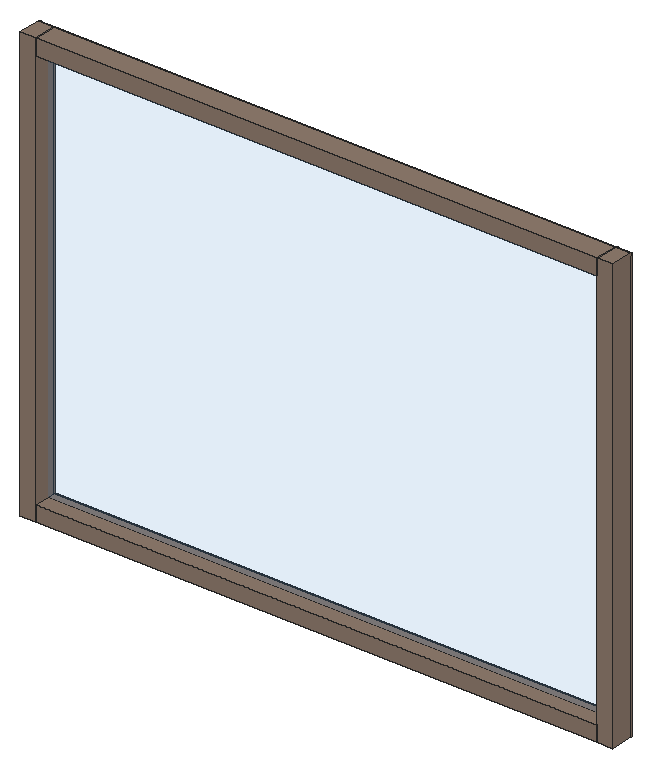
Revit family "Window_Curtain_Wall-Fixed-Traco-NX_3800-Commercial", category Windows, Revit 2015
Parameters
  Window Width [instance] = if(CTRL Opening Width - Window Right Inset - Window Left Inset < Width Minimum, Width Minimum, if(CTRL Opening Width - Window Right Inset - Window Left Inset > Width Maximum, Width Maximum, CTRL Opening Width - Window Right Inset - Window Left Inset))  # 6' - 10.03655"
  Window Top Inset [instance] = 0' - 0"
  Window Right Inset [instance] = 0' - 0"
  Window Left Inset [instance] = 0' - 0"
  Window Height [instance] = if(CTRL Opening Height - Window Top Inset - Window Bottom Inset < Height Minimum, Height Minimum, if(CTRL Opening Height - Window Top Inset - Window Bottom Inset > Height Maximum, Height Maximum, CTRL Opening Height - Window Top Inset - Window Bottom Inset))  # 5' - 0"
  Window Bottom Inset [instance] = 0' - 0"
  Width Minimum = 3' - 0"
  Width Maximum = 8' - 0"
  Water Resistance = 15.0000 psf
  Vertical Mullion = or(CTRL Configuration Number = 3, CTRL Configuration Number = 6, CTRL Configuration Number = 9, CTRL Configuration Number = 12)  # no
  Uniform Load Structural = 120.0000 psf
  Uniform Load Deflection = 80.0000 psf
  URL = "http://www.alcoa.com/traco/en/home.asp"
  U Factor = ""
  Type Comments = "Fixed, Standard"
  Triple Glazing = or(CTRL Configuration Number = 10, CTRL Configuration Number = 11, CTRL Configuration Number = 12)  # no
  Test Size = "60\" X 99\""
  Sill Width = 0' - 2 3/16"  # constant formula
  Product data url = "https://bimobject.com/kawneerna/product/38002"
  Product Page URL = "http://www.alcoa.com/traco/en/product.asp?cat_id=1910&prod_id=4244"
  Product Documentation Link = "http://www.alcoa.com/traco/en/cad_spec.asp?cat_id=1910&prod_id=4244&area=prod"
  Model = "NX-3800"
  Manufacturer = "Traco"  # constant formula
  Keynote = "08520"
  Jamb Width = 0' - 2 3/16"  # constant formula
  Rail Width = 0' - 3 1/4"  # constant formula
  Horizontal Mullion [instance] = or(CTRL Configuration Number = 2, CTRL Configuration Number = 3, CTRL Configuration Number = 5, CTRL Configuration Number = 6, CTRL Configuration Number = 8, CTRL Configuration Number = 9, CTRL Configuration Number = 11, CTRL Configuration Number = 12)  # no
  Height Minimum = 2' - 6"
  Height Maximum = 5' - 0"
  Head Width = 0' - 2 3/16"  # constant formula
  Has Blinds [instance] = no
  Glazing Thickness = 0' - 1"
  Glazing Material = Glass - Traco - Clear
  Glazing Inset = 0' - 0 1/4"  # constant formula
  Full Glazing = or(CTRL Configuration Number = 1, CTRL Configuration Number = 2, CTRL Configuration Number = 3, CTRL Configuration Number = 7, CTRL Configuration Number = 8, CTRL Configuration Number = 9, CTRL Configuration Number = 10, CTRL Configuration Number = 11, CTRL Configuration Number = 12)  # yes
  Frame Material = Aluminum - Traco - Anodized - Bronze
  Forced Entry Resistance = "TYPE D: GRADE 10"
  Dual Glazing Inset = 0' - 0 1/4"  # constant formula
  Dual Glazing = or(CTRL Configuration Number = 4, CTRL Configuration Number = 5, CTRL Configuration Number = 6, CTRL Configuration Number = 7, CTRL Configuration Number = 8, CTRL Configuration Number = 9, CTRL Configuration Number = 10, CTRL Configuration Number = 11, CTRL Configuration Number = 12)  # no
  Designation = "AAMA/WDMA/CSA 101/I.S.2/A-440-05: FW-AW90"
  Description = " Commercial, Fixed Window"  # constant formula
  Depth = 0' - 3 1/4"  # constant formula
  Copyright © = "2011 Traco"  # constant formula
  Construction Type = ""
  Condensation Resistance = 44.0000 psf
  CTRL Opening Width [instance] = 6' - 10.03655"
  CTRL Opening Height [instance] = 6' - 7"
  CTRL Glazing T/B Visibility Offset = if(CTRL Configuration Number = 2, 0' 1 5/8", if(CTRL Configuration Number = 3, 0' 1 5/8", if(CTRL Configuration Number = 5, 0' 1 5/8", if(CTRL Configuration Number = 6, 0' 1 5/8", if(CTRL Configuration Number = 8, 0' 1 5/8", if(CTRL Configuration Number = 9, 0' 1 5/8", if(CTRL Configuration Number = 11, 0' 1 5/8", if(CTRL Configuration Number = 12, 0' 1 5/8", 0' 0"))))))))  # 0' - 0"
  CTRL Glazing L/R Visibility Offset = if(CTRL Configuration Number = 3, 0' 1 5/8", if(CTRL Configuration Number = 6, 0' 1 5/8", if(CTRL Configuration Number = 9, 0' 1 5/8", if(CTRL Configuration Number = 12, 0' 1 5/8", 0' 0"))))  # 0' - 0"
  CTRL Configuration Number = 1
  CTRL Blind Width [instance] = Window Width - Jamb Width * 2  # 6' - 5.66155"
  CTRL Blind Visibility [instance] = and(Has Blinds, CTRL Configuration Number > 6)  # no
  CTRL Blind Height [instance] = Window Height - Head Width - Sill Width  # 4' - 7 5/8"
  Blind Placement = if(CTRL Configuration Number > 9, 0' 1", 0' 1 1/8")  # 0' - 1 1/8"
  Assembly Code = "B2020110"
  Allowable Air Infiltration Maximum = "0.1 @ 6.2 PSF"
Reference planes (in)
  plane 1 "Front": y = 0
  plane 2 "Original Ref. Plane": z = 0
  plane 3 "Center (Left/Right)": x = 0
  plane 4 "Left": x = -41.01827
  plane 5 "Right": x = 41.01827
  plane 6 "Top": z = 79
  plane 7 "Window Interior Offset": y = 0
  plane 8 "Window Center F/B": y = 0
  plane 9 "Exterior/Back": y = 1.625
  plane 10 "Interior/Front": y = -1.625
  plane 11 "Window Left": x = -41.01827
  plane 12 "Window Right": x = 41.01827
  plane 13 "Head Bottom": z = 57.8125
  plane 14 "Frame Left": x = -38.83077
  plane 15 "Frame Right": x = 38.83077
  plane 16 "Flange Thickness": y = 1.5625
  plane 17 "Sill Top": z = 2.1875
  plane 18 "Window Bottom": z = 0
  plane 19 "Mid Panel Center L/R": y = 0
  plane 20 "Panel Left Center L/R": x = -0.16398
  plane 21 "Left Panel Center L/R": y = 0
  plane 22 "Screen Left": x = -40.01827
  plane 23 "Panel Right R": x = 40.11202
  plane 24 "Fixed Panel Top": z = 58.5
  plane 25 "Fixed Panel Bottom": z = 30
  plane 26 "Glazing Inset": y = 1.375
  plane 27: y = -1.375
  plane 28 "Window Top": z = 60
  plane 29 "Mullion Top": z = 31.625
  plane 30 "Mullion Bottom": z = 28.375
  plane 31: y = -0.5
  plane 32: x = 1.46102
  plane 33: x = -1.78898
  plane 34 "Glazing Visibility Offset Right": x = -0.16398
  plane 35 "Glazing Visibility Offset Left": x = -0.16398
  plane 36: z = 30
  plane 37: z = 30
Forms (in)
  Sweep 1, solid, material "Aluminum - Traco - Anodized - Bronze" <- "Frame Material"
    path origin (-167.07026, 0, 40.44358) x (-1, 0, 0) y (0, 0, 1)
      loop
        line (-167.07026, -40.44358) -> (-167.07026, 19.55642)
    profile origin (0, 0, 30) x (1, 0, 0) y (0, 1, 0)
      loop
        line (-38.83077, -1.625) -> (-38.83077, 1.5625) -> (-41.01827, 1.5625) -> (-41.01827, -1.625) -> (-38.83077, -1.625)
      loop
        line (38.83077, -1.625) -> (41.01827, -1.625) -> (41.01827, 1.5625) -> (38.83077, 1.5625) -> (38.83077, -1.625)
  Sweep 2, solid, material "Aluminum - Traco - Anodized - Bronze" <- "Frame Material"
    path origin (-167.07026, 0, 40.31858) x (-1, 0, 0) y (0, 0, 1)
      loop
        line (-205.90104, -40.07858) -> (-128.23949, -40.07858)
    profile origin (0, 0, 0.24) x (0, 0, 1) y (0, 1, 0)
      loop
        line (1.9475, -1.625) -> (1.9475, 1.5625) -> (-0.24, 1.5625) -> (-0.24, -1.625) -> (1.9475, -1.625)
  Sweep 3, solid, material "Aluminum - Traco - Anodized - Bronze" <- "Frame Material"
    path origin (-168.26142, 0, 112.26409) x (-1, 0, 0) y (0, 0, 1)
      loop
        line (-207.09219, -54.45159) -> (-129.43064, -54.45159)
    profile origin (0, 0, 57.8125) x (0, 0, 1) y (0, 1, 0)
      loop
        line (0, 1.5625) -> (0, -1.625) -> (2.1875, -1.625) -> (2.1875, 1.5625) -> (0, 1.5625)
  Sweep 4, solid, material "Aluminum - Traco - Anodized - Bronze" <- "Frame Material"
    path origin (-163.52883, 0, 39.90995) x (1, 0, 0) y (0, 0, 1)
      loop
        line (163.52883, -39.90995) -> (163.52883, 20.09005)
    profile origin (0, 0, 30) x (-1, 0, 0) y (0, -1, 0)
      loop
        line (38.83077, -1.5625) -> (38.83077, -1.625) -> (41.01827, -1.625) -> (41.01827, -1.5625) -> (38.83077, -1.5625)
      loop
        line (-38.83077, -1.5625) -> (-41.01827, -1.5625) -> (-41.01827, -1.625) -> (-38.83077, -1.625) -> (-38.83077, -1.5625)
  Sweep 5, solid, material "Aluminum - Traco - Anodized - Bronze" <- "Frame Material"
    path origin (-167.33417, 0, 38.73517) x (-1, 0, 0) y (0, 0, 1)
      loop
        line (-206.16494, -38.73517) -> (-128.50339, -38.73517)
    profile origin (0, 0, 0) x (0, 0, 1) y (0, 1, 0)
      loop
        line (0, 1.625) -> (0, 1.5625) -> (2.1875, 1.5625) -> (2.1875, 1.625) -> (0, 1.625)
  Sweep 6, solid, material "Aluminum - Traco - Anodized - Bronze" <- "Frame Material"
    path origin (-168.38114, 0, 110.6278) x (-1, 0, 0) y (0, 0, 1)
      loop
        line (-207.21192, -50.6278) -> (-129.55037, -50.6278)
    profile origin (0, 0, 60) x (0, 0, 1) y (0, 1, 0)
      loop
        line (-2.1875, 1.625) -> (-2.1875, 1.5625) -> (0, 1.5625) -> (0, 1.625) -> (-2.1875, 1.625)
  Sweep 7, solid, material "Aluminum - Traco - Anodized - Bronze" <- "Frame Material", visible <- "Horizontal Mullion"
    path origin (0, 0, 0) x (-1, 0, 0) y (0, 0, 1)
      loop
        line (38.83077, 28.93293) -> (-38.83077, 28.93293)
    profile origin (0, 0, 28.93293) x (0, 0, -1) y (0, 1, 0)
      loop
        line (0.55793, -1.625) -> (0.55793, 1.625) -> (-2.69207, 1.625) -> (-2.69207, -1.625) -> (0.55793, -1.625)
  Sweep 8, solid, material "Glass - Traco - Clear" <- "Glazing Material", visible <- "Full Glazing"
    path origin (0, 0, 0) x (-1, 0, 0) y (0, 0, 1)
      loop
        line (-38.83077, 40.1729) -> (38.83077, 40.1729)
    profile origin (0, 0, 40.1729) x (0, 0, 1) y (0, 1, 0)
      loop
        line (17.6396, 0.375) -> (17.6396, 1.375) -> (-37.9854, 1.375) -> (-37.9854, 0.375) -> (17.6396, 0.375)
  Sweep 9, solid, material "Glass - Traco - Clear" <- "Glazing Material", visible <- "Dual Glazing"
    path origin (0, 0, 0) x (-1, 0, 0) y (0, 0, 1)
      loop
        line (-38.83077, 2.1875) -> (38.83077, 2.1875)
    profile origin (0, 0, 2.1875) x (0, 0, 1) y (0, 1, 0)
      loop
        line (0, -0.375) -> (0, -1.375) -> (55.625, -1.375) -> (55.625, -0.375) -> (0, -0.375)
  Sweep 10, solid, material "Glass - Traco - Clear" <- "Glazing Material", visible <- "Triple Glazing"
    path origin (0, 0, 0) x (-1, 0, 0) y (0, 0, 1)
      loop
        line (-38.83077, 2.1875) -> (38.83077, 2.1875)
    profile origin (0, 0, 2.1875) x (0, 0, 1) y (0, 1, 0)
      loop
        line (0, 0.625) -> (0, -0.375) -> (55.625, -0.375) -> (55.625, 0.625) -> (0, 0.625)
  Sweep 11, solid, material "Aluminum - Traco - Anodized - Bronze" <- "Frame Material", visible <- "Vertical Mullion"
    path origin (0, 0, 0) x (-1, 0, 0) y (0, 0, 1)
      loop
        line (-1.46102, 2.1875) -> (1.78898, 2.1875)
    profile origin (-0.16398, 0, 2.1875) x (0, 0, 1) y (0, 1, 0)
      loop
        line (0, 1.625) -> (0, -1.625) -> (55.625, -1.625) -> (55.625, 1.625) -> (0, 1.625)
Cuts and joins
  joined: Sweep 5, Sweep 6
Lines and regions (in)
  Masking region 1
    outline origin (0, 0, 71.31858) x (1, 0, 0) y (0, 1, 0)
      loop
        line (41.01827, -1.625) -> (41.01827, 1.625) -> (-41.01827, 1.625) -> (-41.01827, -1.625) -> (41.01827, -1.625)
  Masking region 2
    outline origin (0, 0, 0) x (-1, 0, 0) y (0, 0, 1)
      loop
        line (-38.83077, 57.8125) -> (-38.83077, 2.1875) -> (38.83077, 2.1875) -> (38.83077, 57.8125) -> (-38.83077, 57.8125)
      loop
        line (-41.01827, 60) -> (-41.01827, 0) -> (41.01827, 0) -> (41.01827, 60) -> (-41.01827, 60)
  Masking region 3, visible <- "Horizontal Mullion"
    outline origin (0, 0, 0) x (-1, 0, 0) y (0, 0, 1)
      loop
        line (-38.83077, 31.625) -> (-38.83077, 28.375) -> (38.83077, 28.375) -> (38.83077, 31.625) -> (-38.83077, 31.625)
  Masking region 4
    outline origin (0, 0, 0) x (-1, 0, 0) y (0, 0, 1)
      loop
        line (-38.83077, 57.8125) -> (-38.83077, 2.1875) -> (38.83077, 2.1875) -> (38.83077, 57.8125) -> (-38.83077, 57.8125)
  Masking region 5, visible <- "Vertical Mullion"
    outline origin (0, 0, 0) x (-1, 0, 0) y (0, 0, 1)
      loop
        line (-1.46102, 57.8125) -> (-1.46102, 2.1875) -> (1.78898, 2.1875) -> (1.78898, 57.8125) -> (-1.46102, 57.8125)
  Masking region 6
    outline origin (0, 0, 17.29297) x (1, 0, 0) y (0, 1, 0)
      loop
        line (-41.01827, 1.625) -> (-41.01827, -1.625) -> (41.01827, -1.625) -> (41.01827, 1.625) -> (-41.01827, 1.625)
  Masking region 7
    outline origin (-41.01827, 0, 0) x (0, -1, 0) y (0, 0, 1)
      loop
        line (-1.625, 60) -> (-1.625, 0) -> (1.625, 0) -> (1.625, 60) -> (-1.625, 60)
  symbolic lines, style "WindowsFrameMullionProjection"
    curve 1: line (-41.01827, 1.625, 17.29297) -> (41.01827, 1.625, 17.29297)
    curve 2: line (41.01827, 1.625, 17.29297) -> (41.01827, -1.625, 17.29297)
    curve 3: line (41.01827, -1.625, 17.29297) -> (-41.01827, -1.625, 17.29297)
    curve 4: line (-41.01827, -1.625, 17.29297) -> (-41.01827, 1.625, 17.29297)
    curve 9: line (-41.01827, 1.625, 60) -> (-41.01827, -1.625, 60)
    curve 10: line (-41.01827, -1.625, 60) -> (-41.01827, -1.625, 0)
    curve 11: line (-41.01827, -1.625, 0) -> (-41.01827, 1.625, 0)
    curve 12: line (-41.01827, 1.625, 0) -> (-41.01827, 1.625, 60)
  symbolic lines, style "WindowsFrameMullionProjection", detail levels medium+fine
    curve 5: line (-38.83077, 1.625, 17.29297) -> (-38.83077, -1.625, 17.29297)
    curve 8: line (38.83077, 1.625, 17.29297) -> (38.83077, -1.625, 17.29297)
    curve 13: line (-41.01827, 1.625, 57.8125) -> (-41.01827, -1.625, 57.8125)
    curve 16: line (-41.01827, 1.625, 2.1875) -> (-41.01827, -1.625, 2.1875)
  symbolic lines, style "WindowsFrameMullionProjection", visible <- "Vertical Mullion", detail levels medium+fine
    curve 6: line (-1.78898, 1.625, 17.29297) -> (-1.78898, -1.625, 17.29297)
    curve 7: line (1.46102, -1.625, 17.29297) -> (1.46102, 1.625, 17.29297)
  symbolic lines, style "WindowsFrameMullionProjection", visible <- "Horizontal Mullion", detail levels medium+fine
    curve 14: line (-41.01827, -1.625, 31.625) -> (-41.01827, 1.625, 31.625)
    curve 15: line (-41.01827, 1.625, 28.375) -> (-41.01827, -1.625, 28.375)
  symbolic lines, style "WindowsGlassProjection", visible <- "Full Glazing", detail levels fine
    curve 17: line (-38.83077, 1.375, 17.29297) -> (-0.16398, 1.375, 17.29297)
    curve 18: line (-0.16398, 0.375, 17.29297) -> (-38.83077, 0.375, 17.29297)
    curve 19: line (38.83077, 1.375, 17.29297) -> (-0.16398, 1.375, 17.29297)
    curve 20: line (38.83077, 0.375, 17.29297) -> (-0.16398, 0.375, 17.29297)
    curve 29: line (-41.01827, 1.375, 2.1875) -> (-41.01827, 1.375, 30)
    curve 30: line (-41.01827, 0.375, 30) -> (-41.01827, 0.375, 2.1875)
    curve 35: line (-41.01827, 1.375, 57.8125) -> (-41.01827, 1.375, 30)
    curve 36: line (-41.01827, 0.375, 30) -> (-41.01827, 0.375, 57.8125)
  symbolic lines, style "WindowsGlassProjection", visible <- "Dual Glazing", detail levels fine
    curve 21: line (-38.83077, -1.375, 17.29297) -> (-0.16398, -1.375, 17.29297)
    curve 22: line (-0.16398, -0.375, 17.29297) -> (-38.83077, -0.375, 17.29297)
    curve 23: line (38.83077, -1.375, 17.29297) -> (-0.16398, -1.375, 17.29297)
    curve 24: line (-0.16398, -0.375, 17.29297) -> (38.83077, -0.375, 17.29297)
    curve 33: line (-41.01827, -0.375, 2.1875) -> (-41.01827, -0.375, 30)
    curve 34: line (-41.01827, -1.375, 30) -> (-41.01827, -1.375, 2.1875)
    curve 39: line (-41.01827, -0.375, 57.8125) -> (-41.01827, -0.375, 30)
    curve 40: line (-41.01827, -1.375, 30) -> (-41.01827, -1.375, 57.8125)
  symbolic lines, style "WindowsGlassProjection", visible <- "Triple Glazing", detail levels fine
    curve 25: line (-38.83077, 0.625, 17.29297) -> (-0.16398, 0.625, 17.29297)
    curve 26: line (-0.16398, -0.375, 17.29297) -> (-38.83077, -0.375, 17.29297)
    curve 27: line (-0.16398, 0.625, 17.29297) -> (38.83077, 0.625, 17.29297)
    curve 28: line (38.83077, -0.375, 17.29297) -> (-0.16398, -0.375, 17.29297)
    curve 31: line (-41.01827, 0.625, 2.1875) -> (-41.01827, 0.625, 30)
    curve 32: line (-41.01827, -0.375, 30) -> (-41.01827, -0.375, 2.1875)
    curve 37: line (-41.01827, 0.625, 57.8125) -> (-41.01827, 0.625, 30)
    curve 38: line (-41.01827, -0.375, 30) -> (-41.01827, -0.375, 57.8125)
Text (in)
  text "Exterior" at (-89.86254, 22.28177, 0), in view "Ref. Level"
  text "Exterior" at (480, 41.53993, 89.60405), in view "Right"
  text "Exterior" at (-240, 57.82419, 105.78864), in view "Left"
Dimensions and locks (in)
  equal spacing: plane 4 "Left", plane 3 "Center (Left/Right)", plane 5 "Right"
  equal spacing: plane 9 "Exterior/Back", plane 8 "Window Center F/B", plane 10 "Interior/Front"
  "Depth": plane 9 "Exterior/Back" to plane 10 "Interior/Front"
  "Jamb Width": plane 15 "Frame Right" to plane 12 "Window Right"
  "Jamb Width": plane 11 "Window Left" to plane 14 "Frame Left"
  "Sill Width": plane 18 "Window Bottom" to plane 17 "Sill Top"
  "CTRL Opening Height": plane 2 "Original Ref. Plane" to plane 6 "Top"
  "CTRL Opening Width": plane 4 "Left" to plane 5 "Right"
  locked: plane 9 "Exterior/Back" to plane 16 "Flange Thickness" at 0.0625
  "Window Left Inset": plane 4 "Left" to plane 11 "Window Left"
  "Window Width": plane 11 "Window Left" to plane 12 "Window Right"
  "Window Bottom Inset": plane 2 "Original Ref. Plane" to plane 18 "Window Bottom"
  "Glazing Inset": plane 9 "Exterior/Back" to plane 26 "Glazing Inset"
  "Glazing Thickness": Sweep 8 sketch curve to Sweep 8 sketch curve
  "Glazing Thickness": Sweep 9 sketch curve to Sweep 9 sketch curve
  "Dual Glazing Inset": plane 27 to plane 10 "Interior/Front"
  "Window Height": plane 18 "Window Bottom" to plane 28 "Window Top"
  equal spacing: plane 18 "Window Bottom", plane 25 "Fixed Panel Bottom", plane 28 "Window Top"
  equal spacing: plane 30 "Mullion Bottom", plane 25 "Fixed Panel Bottom", plane 29 "Mullion Top"
  "Rail Width": plane 30 "Mullion Bottom" to plane 29 "Mullion Top"
  "Blind Placement": plane 31 to plane 10 "Interior/Front"
  "Head Width": plane 13 "Head Bottom" to plane 28 "Window Top"
  "Glazing Thickness": Sweep 10 sketch curve to Sweep 10 sketch curve
  locked: plane 9 "Exterior/Back" to Sweep 10 sketch curve at 1
  equal spacing: plane 33, plane 20 "Panel Left Center L/R", plane 32
  "Rail Width": plane 33 to plane 32
  "CTRL Glazing L/R Visibility Offset": plane 34 "Glazing Visibility Offset Right" to plane 20 "Panel Left Center L/R"
  "CTRL Glazing L/R Visibility Offset": plane 20 "Panel Left Center L/R" to plane 35 "Glazing Visibility Offset Left"
  "CTRL Glazing T/B Visibility Offset": plane 36 to plane 25 "Fixed Panel Bottom"
  "CTRL Glazing T/B Visibility Offset": plane 25 "Fixed Panel Bottom" to plane 37
  aligned and locked: level to plane 2 "Original Ref. Plane"
  aligned and locked: Sweep 1 sketch curve to plane 3 "Center (Left/Right)"
  aligned and locked: plane 16 "Flange Thickness" to Sweep 1 sketch curve
  aligned and locked: plane 11 "Window Left" to Sweep 1 sketch curve
  aligned and locked: Sweep 1 sketch curve to plane 14 "Frame Left"
  aligned and locked: Sweep 1 sketch curve to plane 10 "Interior/Front"
  aligned and locked: plane 12 "Window Right" to Sweep 1 sketch curve
  aligned and locked: Sweep 1 sketch curve to plane 15 "Frame Right"
  aligned and locked: plane 10 "Interior/Front" to Sweep 1 sketch curve
  aligned and locked: Sweep 1 sketch curve to plane 16 "Flange Thickness"
  aligned and locked: plane 17 "Sill Top" to Sweep 2 sketch curve
  aligned and locked: Sweep 3 sketch curve to plane 13 "Head Bottom"
  aligned and locked: plane 10 "Interior/Front" to Sweep 3 sketch curve
  aligned and locked: plane 13 "Head Bottom" to Sweep 3 sketch curve
  aligned and locked: Sweep 3 sketch curve to plane 16 "Flange Thickness"
  aligned and locked: Sweep 4 sketch curve to plane 3 "Center (Left/Right)"
  aligned and locked: plane 9 "Exterior/Back" to Sweep 4 sketch curve
  aligned and locked: plane 15 "Frame Right" to Sweep 4 sketch curve
  aligned and locked: Sweep 4 sketch curve to plane 16 "Flange Thickness"
  aligned and locked: Sweep 4 sketch curve to plane 9 "Exterior/Back"
  aligned and locked: plane 16 "Flange Thickness" to Sweep 4 sketch curve
  aligned and locked: plane 14 "Frame Left" to Sweep 4 sketch curve
  aligned and locked: Sweep 2 sketch curve to plane 16 "Flange Thickness"
  aligned and locked: plane 16 "Flange Thickness" to Sweep 5 sketch curve  (x2)
  aligned and locked: Sweep 5 sketch curve to plane 9 "Exterior/Back"
  aligned and locked: Sweep 6 sketch curve to plane 9 "Exterior/Back"
  aligned and locked: plane 13 "Head Bottom" to Sweep 6 sketch curve
  aligned and locked: plane 16 "Flange Thickness" to Sweep 6 sketch curve
  aligned and locked: Masking region 1 sketch curve to plane 11 "Window Left"
  aligned and locked: plane 10 "Interior/Front" to Masking region 1 sketch curve
  aligned and locked: Masking region 1 sketch curve to plane 9 "Exterior/Back"
  aligned and locked: plane 12 "Window Right" to Masking region 1 sketch curve
  aligned: plane 18 "Window Bottom" to Sweep 1
  aligned and locked: plane 18 "Window Bottom" to Sweep 2 sketch curve
  aligned and locked: Sweep 5 sketch curve to plane 17 "Sill Top"
  aligned and locked: plane 15 "Frame Right" to Sweep 2 sketch curve
  aligned and locked: plane 14 "Frame Left" to Sweep 2 sketch curve
  aligned and locked: plane 14 "Frame Left" to Sweep 5 sketch curve
  aligned and locked: plane 15 "Frame Right" to Sweep 5 sketch curve
  aligned and locked: plane 14 "Frame Left" to Sweep 3 sketch curve
  aligned and locked: plane 15 "Frame Right" to Sweep 3 sketch curve
  aligned and locked: plane 15 "Frame Right" to Sweep 6 sketch curve
  aligned and locked: plane 14 "Frame Left" to Sweep 6 sketch curve
  aligned and locked: plane 18 "Window Bottom" to Sweep 1 sketch curve
  aligned and locked: plane 10 "Interior/Front" to Sweep 2 sketch curve
  aligned and locked: plane 10 "Interior/Front" to Sweep 7 sketch curve
  aligned and locked: Sweep 7 sketch curve to plane 9 "Exterior/Back"
  aligned and locked: plane 17 "Sill Top" to Sweep 8 sketch curve
  aligned and locked: plane 15 "Frame Right" to Sweep 8 sketch curve
  aligned and locked: plane 14 "Frame Left" to Sweep 8 sketch curve
  aligned and locked: plane 13 "Head Bottom" to Sweep 8 sketch curve
  aligned and locked: Sweep 8 sketch curve to plane 26 "Glazing Inset"
  aligned and locked: plane 15 "Frame Right" to Sweep 7 sketch curve
  aligned and locked: plane 14 "Frame Left" to Sweep 7 sketch curve
  aligned and locked: plane 14 "Frame Left" to Sweep 9 sketch curve
  aligned and locked: plane 15 "Frame Right" to Sweep 9 sketch curve
  aligned and locked: profile plane to Sweep 9 sketch curve
  aligned and locked: plane 13 "Head Bottom" to Sweep 9 sketch curve
  aligned and locked: Sweep 9 sketch curve to plane 27
  aligned and locked: plane 28 "Window Top" to Sweep 1 sketch curve
  aligned and locked: Sweep 7 sketch curve to plane 29 "Mullion Top"
  aligned and locked: Sweep 7 sketch curve to plane 30 "Mullion Bottom"
  aligned and locked: Masking region 2 sketch curve to Sweep 3
  aligned and locked: Masking region 2 sketch curve to Sweep 8  (x2)
  aligned and locked: Masking region 2 sketch curve to Sweep 2
  aligned and locked: Masking region 3 sketch curve to Sweep 7  (x4)
  aligned and locked: Masking region 4 sketch curve to Sweep 3
  aligned and locked: Masking region 4 sketch curve to Sweep 8  (x2)
  aligned and locked: Masking region 4 sketch curve to Sweep 2
  aligned and locked: plane 14 "Frame Left" to Sweep 10 sketch curve
  aligned and locked: plane 15 "Frame Right" to Sweep 10 sketch curve
  aligned and locked: plane 13 "Head Bottom" to Sweep 10 sketch curve
  aligned and locked: Sweep 10 sketch curve to plane 17 "Sill Top"
  aligned and locked: plane 28 "Window Top" to Sweep 3 sketch curve
  aligned and locked: Masking region 2 sketch curve to plane 28 "Window Top"
  aligned and locked: plane 12 "Window Right" to Masking region 2 sketch curve
  aligned and locked: Masking region 2 sketch curve to plane 11 "Window Left"
  aligned and locked: plane 18 "Window Bottom" to Masking region 2 sketch curve
  aligned and locked: plane 32 to Sweep 11 sketch curve
  aligned and locked: plane 33 to Sweep 11 sketch curve
  aligned and locked: plane 13 "Head Bottom" to Sweep 11 sketch curve
  aligned and locked: Sweep 11 sketch curve to plane 10 "Interior/Front"
  aligned and locked: plane 9 "Exterior/Back" to Sweep 11 sketch curve
  aligned and locked: Sweep 11 sketch curve to plane 17 "Sill Top"
  aligned and locked: Masking region 5 sketch curve to Sweep 11  (x4)
  aligned and locked: Masking region 6 sketch curve to Masking region 1  (x4)
  aligned and locked: Masking region 7 sketch curve to Sweep 4  (x2)
  aligned and locked: Masking region 7 sketch curve to Sweep 1  (x2)
  aligned and locked: Sweep 4 sketch curve to plane 11 "Window Left"
  aligned and locked: Sweep 4 sketch curve to plane 12 "Window Right"
  aligned and locked: plane 18 "Window Bottom" to curve 11
  aligned and locked: curve 16 to plane 17 "Sill Top"
  aligned and locked: plane 30 "Mullion Bottom" to curve 15
  aligned and locked: plane 29 "Mullion Top" to curve 14
  aligned and locked: curve 13 to plane 13 "Head Bottom"
  aligned and locked: curve 9 to plane 28 "Window Top"
  aligned and locked: plane 10 "Interior/Front" to curve 10
  aligned and locked: curve 12 to plane 9 "Exterior/Back"
  aligned and locked: plane 26 "Glazing Inset" to curve 17
  aligned and locked: curve 18 to Sweep 8
  aligned and locked: plane 34 "Glazing Visibility Offset Right" to curve 17
  aligned and locked: plane 34 "Glazing Visibility Offset Right" to curve 18
  aligned and locked: curve 19 to plane 26 "Glazing Inset"
  aligned and locked: curve 20 to Sweep 8
  aligned and locked: plane 35 "Glazing Visibility Offset Left" to curve 19
  aligned and locked: plane 35 "Glazing Visibility Offset Left" to curve 20
  aligned and locked: curve 21 to plane 27
  aligned and locked: Sweep 9 to curve 22
  aligned and locked: plane 34 "Glazing Visibility Offset Right" to curve 21
  aligned and locked: plane 34 "Glazing Visibility Offset Right" to curve 22
  aligned and locked: plane 27 to curve 23
  aligned and locked: curve 24 to Sweep 9
  aligned and locked: plane 35 "Glazing Visibility Offset Left" to curve 23
  aligned and locked: plane 35 "Glazing Visibility Offset Left" to curve 24
  aligned and locked: curve 27 to Sweep 10
  aligned and locked: curve 28 to Sweep 10
  aligned and locked: curve 25 to Sweep 10
  aligned and locked: curve 26 to Sweep 10
  aligned and locked: plane 34 "Glazing Visibility Offset Right" to curve 25
  aligned and locked: plane 34 "Glazing Visibility Offset Right" to curve 26
  aligned and locked: plane 35 "Glazing Visibility Offset Left" to curve 28
  aligned and locked: plane 35 "Glazing Visibility Offset Left" to curve 27
  aligned and locked: plane 26 "Glazing Inset" to curve 29
  aligned and locked: curve 31 to Sweep 10
  aligned and locked: curve 32 to Sweep 10
  aligned and locked: curve 33 to Sweep 9
  aligned and locked: plane 37 to curve 29
  aligned and locked: plane 37 to curve 34
  aligned and locked: curve 35 to plane 26 "Glazing Inset"
  aligned and locked: Sweep 8 to curve 36
  aligned and locked: curve 37 to Sweep 10
  aligned and locked: curve 39 to Sweep 9
  aligned and locked: curve 40 to plane 27
  aligned and locked: plane 36 to curve 36
  aligned and locked: plane 36 to curve 37
  aligned and locked: plane 36 to curve 38
Automatic sketch dimensions
  plane 18 "Window Bottom" to Sweep 2 sketch curve = 0' - 0.24"
  Sweep 7 sketch curve to plane 25 "Fixed Panel Bottom" = 0' - 1.06707"
  Sweep 9 sketch curve to plane 17 "Sill Top" = 0' - 0"
  plane 25 "Fixed Panel Bottom" to Sweep 8 sketch curve = 0' - 10.1729"
  Sweep 10 sketch curve to plane 17 "Sill Top" = 0' - 0"
  Sweep 4 sketch curve to level = 0' - 0"
  Sweep 5 sketch curve to level = 0' - 0"
  profile plane to Sweep 5 sketch curve = 0' - 0"
  Sweep 4 sketch curve to plane 28 "Window Top" = 0' - 0"
  Sweep 6 sketch curve to plane 28 "Window Top" = 0' - 0"
  profile plane to Sweep 6 sketch curve = 0' - 0"
  Sweep 11 sketch curve to plane 17 "Sill Top" = 0' - 0"
  curve 4 to plane 4 "Left" = 0' - 0"
  curve 17 to plane 14 "Frame Left" = 0' - 0"
  curve 6 to plane 9 "Exterior/Back" = 0' - 0"
  curve 6 to plane 33 = 0' - 0"
  curve 7 to plane 10 "Interior/Front" = 0' - 0"
  curve 7 to plane 32 = 0' - 0"
  curve 23 to plane 15 "Frame Right" = 0' - 0"
  curve 2 to plane 5 "Right" = 0' - 0"
Nested families (in)
  nested 1: "Blind-Interior-Traco-Standard" at (-0.9774, -0.5, 30) x (-1, 0, 0) z (0, 1, 0), Width <- "CTRL Blind Width", Height <- "CTRL Blind Height", visible <- "CTRL Blind Visibility", type "5/8""
    with Width 6' - 5.66155", Screen Offset 0' - 0", Height 4' - 7 5/8"
Definition of nested family "Blind-Interior-Traco-Standard"
  Parameters
    Width [instance] = 4' - 0"
    URL = "http://www.alcoa.com/traco/en/home.asp"
    Screen Offset [instance] = 0' - 1 1/2"
    Screen Material = none
    Product Page URL = ""
    Product Documentation Link = ""
    Model = ""
    Frame Material = none
    Manufacturer = "Traco"  # constant formula
    Height [instance] = 7' - 0"
    Frame Thickness = 0' - 0 5/8"
    Default Elevation = 4' - 0"
    Copyright © = "2011 Traco"  # constant formula
    Assembly Code = ""
  Reference planes (in)
    plane 1 "Center (Front/Back)": y = 0
    plane 2 "Original Ref": z = 0
    plane 3 "Center (Left/Right)": x = -1
    plane 4 "Bottom": z = 1.5
    plane 5 "Front": y = -42
    plane 6 "Back": y = 42
    plane 7 "Left": x = -25
    plane 8 "Right": x = 23
    plane 9 "Back Inset": y = 41.375
    plane 10 "Top": z = 2.125
    plane 11 "Front Inset": y = -41.75
    plane 12 "Top Inset": z = 2.05687
    plane 13 "Bottom Inset": z = 1.55687
  Forms (in)
    Extrusion 1, solid
      sketch origin (0, 0, 0) x (1, 0, 0) y (0, 1, 0)
        loop
          line (-48, 48) -> (-48, -48) -> (48, -48) -> (48, 48) -> (-48, 48)
      from 0 to -12
    Extrusion 2, solid, material <- "Frame Material", detail levels fine
      sketch origin (0, 0, 0) x (1, 0, 0) y (0, 1, 0)
        loop
          line (-25, 42) -> (-25, 41.375) -> (23, 41.375) -> (23, 42) -> (-25, 42)
        loop
          line (23, -42) -> (23, -41.75) -> (-25, -41.75) -> (-25, -42) -> (23, -42)
      from 1.5 to 2.125
    Extrusion 3, solid, material <- "Screen Material", detail levels medium+fine
      sketch origin (0, 0, 2.125) x (-1, 0, 0) y (0, -1, 0)
        loop
          line (-23, 41.75) -> (-23, -41.375) -> (25, -41.375) -> (25, 41.75) -> (-23, 41.75)
      from -0.56813 to -0.06813
  Lines and regions (in)
    Masking region 1, detail levels medium+fine
      outline origin (0, 0, 0) x (1, 0, 0) y (0, 0, 1)
        loop
          line (-25, 2.125) -> (-25, 1.5) -> (-23.5, 1.5) -> (-23.5, 2.125) -> (-25, 2.125)
        loop
          line (23, 1.5) -> (23, 2.125) -> (21.5, 2.125) -> (21.5, 1.5) -> (23, 1.5)
    Masking region 2
      outline origin (0, 0, 2.125) x (-1, 0, 0) y (0, -1, 0)
        loop
          line (-23, 42) -> (-23, 41.75) -> (25, 41.75) -> (25, 42) -> (-23, 42)
        loop
          line (-23, -42) -> (25, -42) -> (25, -41.375) -> (-23, -41.375) -> (-23, -42)
    Masking region 3, detail levels medium+fine
      outline origin (-1, 0, 0) x (0, 1, 0) y (0, 0, 1)
        loop
          line (-42, 2.125) -> (-42, 1.5) -> (-41.75, 1.5) -> (-41.75, 2.125) -> (-42, 2.125)
        loop
          line (42, 1.5) -> (42, 2.125) -> (41.375, 2.125) -> (41.375, 1.5) -> (42, 1.5)
    model lines, detail levels coarse
      curve 1: line (-25, -42, 2.125) -> (23, -42, 2.125)
      curve 2: line (23, 42, 2.125) -> (-25, 42, 2.125)
    symbolic lines
      curve 3: line (21.5, 0, 2.05687) -> (-23.5, 0, 2.05687)
      curve 4: line (-1, 41.375, 2.05687) -> (-1, -41.75, 2.05687)
    symbolic lines, detail levels coarse
      curve 5: line (-1, -41.75, 1.5) -> (-1, -41.75, 2.05687)
      curve 6: line (-1, 41.375, 1.5) -> (-1, 41.375, 2.05687)
    symbolic lines, detail levels medium+fine
      curve 7: line (-25, 31.5, 1.55687) -> (23, 31.5, 1.55687)
      curve 8: line (-25, 21, 1.55687) -> (23, 21, 1.55687)
      curve 9: line (-25, 10.5, 1.55687) -> (23, 10.5, 1.55687)
      curve 10: line (-25, 0, 1.55687) -> (23, 0, 1.55687)
      curve 11: line (-25, -10.5, 1.55687) -> (23, -10.5, 1.55687)
      curve 12: line (-25, -21, 1.55687) -> (23, -21, 1.55687)
      curve 13: line (-25, -31.5, 1.55687) -> (23, -31.5, 1.55687)
  Dimensions and locks (in)
    plane 4 "Bottom" to plane 2 "Original Ref" = 0' - 1 1/2"
    "Width": plane 7 "Left" to plane 8 "Right"
    "Height": plane 5 "Front" to plane 6 "Back"
    "Frame Thickness": plane 10 "Top" to plane 4 "Bottom"
    equal spacing: plane 7 "Left", plane 3 "Center (Left/Right)", plane 8 "Right"
    equal spacing: plane 5 "Front", plane 1 "Center (Front/Back)", plane 6 "Back"
    "Screen Offset": plane 4 "Bottom" to plane 2 "Original Ref"
    plane 5 "Front" to plane 11 "Front Inset" = 0' - 0 1/4"
    locked: plane 6 "Back" to plane 9 "Back Inset" at 0.625
    locked: plane 12 "Top Inset" to plane 13 "Bottom Inset" at 0.5
    locked: plane 10 "Top" to plane 12 "Top Inset" at 0.06813
    equal spacing: plane 6 "Back", curve 7, curve 8, curve 9, curve 10, curve 11, curve 12, curve 13, plane 5 "Front"
    aligned and locked: plane 2 "Original Ref" to Extrusion 1
    aligned and locked: level to Extrusion 1
    aligned and locked: Masking region 1 sketch curve to plane 10 "Top"
    aligned and locked: plane 4 "Bottom" to Masking region 1 sketch curve
    aligned and locked: Masking region 1 sketch curve to plane 7 "Left"
    aligned and locked: Masking region 2 sketch curve to plane 6 "Back"
    aligned and locked: Masking region 2 sketch curve to plane 7 "Left"  (x2)
    aligned and locked: Masking region 2 sketch curve to plane 5 "Front"
    aligned and locked: Masking region 2 sketch curve to plane 8 "Right"  (x2)
    aligned and locked: Masking region 2 sketch curve to plane 9 "Back Inset"
    aligned and locked: Masking region 2 sketch curve to plane 11 "Front Inset"
    aligned and locked: Extrusion 2 sketch curve to plane 9 "Back Inset"
    aligned and locked: Extrusion 2 sketch curve to plane 6 "Back"
    aligned and locked: Extrusion 2 sketch curve to plane 8 "Right"  (x2)
    aligned and locked: Extrusion 2 sketch curve to plane 7 "Left"  (x2)
    aligned and locked: Extrusion 2 sketch curve to plane 11 "Front Inset"
    aligned and locked: Extrusion 2 sketch curve to plane 5 "Front"
    aligned and locked: plane 10 "Top" to Extrusion 2
    aligned and locked: Extrusion 2 to plane 4 "Bottom"
    aligned and locked: curve 1 to Extrusion 2
    aligned and locked: Masking region 1 sketch curve to plane 8 "Right"
    aligned and locked: Masking region 3 sketch curve to plane 6 "Back"
    aligned and locked: Masking region 3 sketch curve to plane 5 "Front"
    aligned and locked: Masking region 3 sketch curve to plane 10 "Top"
    aligned and locked: Masking region 3 to plane 4 "Bottom"
    aligned and locked: plane 8 "Right" to curve 2
    aligned and locked: Extrusion 3 sketch curve to plane 9 "Back Inset"
    aligned and locked: Extrusion 3 sketch curve to plane 11 "Front Inset"
    aligned: Extrusion 3 to plane 12 "Top Inset"
    aligned: plane 10 "Top" to Extrusion 3
    aligned and locked: plane 12 "Top Inset" to curve 3
    aligned and locked: Masking region 3 sketch curve to plane 11 "Front Inset"
    aligned and locked: Masking region 3 sketch curve to plane 9 "Back Inset"
    aligned and locked: plane 11 "Front Inset" to curve 4
    aligned and locked: plane 9 "Back Inset" to curve 4
    aligned and locked: plane 12 "Top Inset" to curve 4
    aligned and locked: plane 12 "Top Inset" to curve 5
    aligned and locked: plane 4 "Bottom" to curve 5
    aligned and locked: curve 5 to plane 11 "Front Inset"
    aligned and locked: Extrusion 3 sketch curve to plane 7 "Left"
    aligned and locked: Extrusion 3 sketch curve to plane 8 "Right"
    aligned and locked: Extrusion 3 to plane 13 "Bottom Inset"
    aligned and locked: plane 12 "Top Inset" to Extrusion 3
    aligned and locked: plane 7 "Left" to curve 13
    aligned and locked: plane 7 "Left" to curve 12
    aligned and locked: plane 7 "Left" to curve 11
    aligned and locked: plane 7 "Left" to curve 10
    aligned and locked: plane 7 "Left" to curve 9
    aligned and locked: plane 7 "Left" to curve 8
    aligned and locked: plane 7 "Left" to curve 7
    aligned and locked: plane 8 "Right" to curve 7
    aligned and locked: plane 8 "Right" to curve 8
    aligned and locked: plane 8 "Right" to curve 9
    aligned and locked: plane 8 "Right" to curve 10
    aligned and locked: plane 8 "Right" to curve 11
    aligned and locked: plane 8 "Right" to curve 12
    aligned and locked: plane 8 "Right" to curve 13
  Automatic sketch dimensions
    Extrusion 1 sketch curve to Extrusion 1 sketch curve = 8' - 0"  (x2)
    Masking region 1 sketch curve to plane 4 "Bottom" = 0' - 0"
    Masking region 1 sketch curve to plane 10 "Top" = 0' - 0"
    Masking region 3 sketch curve to plane 4 "Bottom" = 0' - 0"  (x2)
    Masking region 3 sketch curve to plane 10 "Top" = 0' - 0"
    curve 6 to plane 4 "Bottom" = 0' - 0"
    curve 2 to plane 6 "Back" = 0' - 0"
    curve 2 to plane 7 "Left" = 0' - 0"
    curve 1 to plane 7 "Left" = 0' - 0"
    curve 1 to plane 8 "Right" = 0' - 0"
    Masking region 1 sketch curve to plane 7 "Left" = 0' - 1 1/2"
    Masking region 1 sketch curve to plane 8 "Right" = 0' - 1 1/2"
    curve 3 to plane 7 "Left" = 0' - 1 1/2"
    curve 3 to plane 8 "Right" = 0' - 1 1/2"
